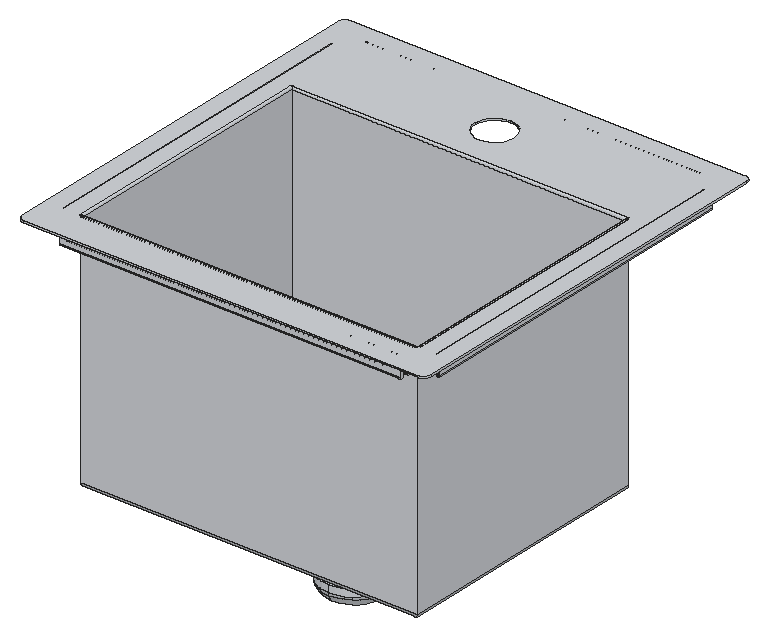
Revit family "Sink-Bar-KOHLER-Vault-K-3840", category Plumbing Fixtures, host Face, Revit 2015 (continued)
Definition of nested family "K-3840"
  Lines and regions (in)
    symbolic lines, detail levels medium+fine
      curve 43: spline (-3.7970905, 3.8477525, 0) -> (-3.8215689, 3.8247313, 0) -> (-3.8430353, 3.7936496, 0) -> (-3.860659, 3.7557099, 0) -> (-3.8737583, 3.7123803, 0) -> (-3.8818262, 3.665337, 0) -> (-3.8845506, 3.6164004, 0) -> (-3.8818262, 3.5674638, 0) -> (-3.8737583, 3.5204206, 0) -> (-3.860659, 3.4770909, 0) -> (-3.8430353, 3.4391513, 0) -> (-3.8215689, 3.4080695, 0) -> (-3.7970905, 3.3850483, 0)
      curve 44: spline (-3.6903224, 3.3850673, 0) -> (-3.6658505, 3.4080926, 0) -> (-3.6443904, 3.4391748, 0) -> (-3.6267721, 3.4771117, 0) -> (-3.6136771, 3.520436, 0) -> (-3.6056119, 3.567472, 0) -> (-3.6028884, 3.6164004, 0) -> (-3.6056119, 3.6653289, 0) -> (-3.6136771, 3.7123648, 0) -> (-3.6267721, 3.7556891, 0) -> (-3.6443904, 3.793626, 0) -> (-3.6658505, 3.8247082, 0) -> (-3.6903224, 3.8477335, 0)
      curve 45: arc (-3.4098625, 3.621817, 0) -> (-3.4894681, 3.4054452, 0) -> (-3.6903224, 3.2922578, 0) r 0.333857
      curve 46: arc (-4.0775765, -3.628183, 0) -> (-3.9979623, -3.4118011, 0) -> (-3.7970905, -3.2986196, 0) r 0.333857
      curve 47: arc (-3.4098625, -3.628183, 0) -> (-3.4894681, -3.8445548, 0) -> (-3.6903224, -3.9577422, 0) r 0.333857
      curve 48: spline (-3.6903224, -3.8649327, 0) -> (-3.6658505, -3.8419074, 0) -> (-3.6443904, -3.8108252, 0) -> (-3.6267721, -3.7728883, 0) -> (-3.6136771, -3.729564, 0) -> (-3.6056119, -3.682528, 0) -> (-3.6028884, -3.6335996, 0) -> (-3.6056119, -3.5846711, 0) -> (-3.6136771, -3.5376352, 0) -> (-3.6267721, -3.4943109, 0) -> (-3.6443904, -3.456374, 0) -> (-3.6658505, -3.4252918, 0) -> (-3.6903224, -3.4022665, 0)
      curve 49: spline (-3.7970905, -3.4022475, 0) -> (-3.8215689, -3.4252687, 0) -> (-3.8430353, -3.4563504, 0) -> (-3.860659, -3.4942901, 0) -> (-3.8737583, -3.5376197, 0) -> (-3.8818262, -3.584663, 0) -> (-3.8845506, -3.6335996, 0) -> (-3.8818262, -3.6825362, 0) -> (-3.8737583, -3.7295794, 0) -> (-3.860659, -3.7729091, 0) -> (-3.8430353, -3.8108487, 0) -> (-3.8215689, -3.8419305, 0) -> (-3.7970905, -3.8649517, 0)
      curve 50: arc (-1.642677, 1.4337935, 0) -> (-1.7031402, 1.3613401, 0) -> (-1.7604129, 1.2863392, 0) r 2.1811357
      curve 51: arc (-1.0576915, 0.5567005, 0) -> (-1.1530567, 0.4613353, 0) -> (-1.2484218, 0.5567005, 0) r 0.0953652
      curve 52: arc (-1.2484218, 0.5567005, 0) -> (-1.1530567, 0.6520657, 0) -> (-1.0576915, 0.5567005, 0) r 0.0953652
      curve 53: arc (-0.9054814, 0.8002876, 0) -> (-1.0008465, 0.7049224, 0) -> (-1.0962117, 0.8002876, 0) r 0.0953652
      curve 54: arc (-1.0962117, 0.8002876, 0) -> (-1.0008465, 0.8956528, 0) -> (-0.9054814, 0.8002876, 0) r 0.0953652
      curve 55: arc (-0.7010338, 1.0047352, 0) -> (-0.796399, 0.90937, 0) -> (-0.8917641, 1.0047352, 0) r 0.0953652
      curve 56: arc (-0.8917641, 1.0047352, 0) -> (-0.796399, 1.1001004, 0) -> (-0.7010338, 1.0047352, 0) r 0.0953652
      curve 57: arc (-0.4612099, 1.1488359, 0) -> (-0.5565751, 1.0534707, 0) -> (-0.6519403, 1.1488359, 0) r 0.0953652
      curve 58: arc (-0.6519403, 1.1488359, 0) -> (-0.5565751, 1.2442011, 0) -> (-0.4612099, 1.1488359, 0) r 0.0953652
      curve 59: arc (-0.1913153, 1.2524387, 0) -> (-0.2866805, 1.1570735, 0) -> (-0.3820457, 1.2524387, 0) r 0.0953652
      curve 60: arc (-0.3820457, 1.2524387, 0) -> (-0.2866805, 1.3478039, 0) -> (-0.1913153, 1.2524387, 0) r 0.0953652
      curve 61: arc (-1.1521397, 0.2824028, 0) -> (-1.2475049, 0.1870376, 0) -> (-1.3428701, 0.2824028, 0) r 0.0953652
      curve 62: arc (-1.3428701, 0.2824028, 0) -> (-1.2475049, 0.377768, 0) -> (-1.1521397, 0.2824028, 0) r 0.0953652
      curve 63: arc (-1.1855473, 0.0017163, 0) -> (-1.2809125, -0.0936489, 0) -> (-1.3762777, 0.0017163, 0) r 0.0953652
      curve 64: arc (-1.3762777, 0.0017163, 0) -> (-1.2809125, 0.0970815, 0) -> (-1.1855473, 0.0017163, 0) r 0.0953652
      curve 65: arc (-1.1521397, -0.2824028, 0) -> (-1.2475049, -0.377768, 0) -> (-1.3428701, -0.2824028, 0) r 0.0953652
      curve 66: arc (-1.3428701, -0.2824028, 0) -> (-1.2475049, -0.1870376, 0) -> (-1.1521397, -0.2824028, 0) r 0.0953652
      curve 67: arc (-1.0576915, -0.5567005, 0) -> (-1.1530567, -0.6520657, 0) -> (-1.2484218, -0.5567005, 0) r 0.0953652
      curve 68: arc (-1.2484218, -0.5567005, 0) -> (-1.1530567, -0.4613353, 0) -> (-1.0576915, -0.5567005, 0) r 0.0953652
      curve 69: arc (-0.9054814, -0.8002876, 0) -> (-1.0008465, -0.8956528, 0) -> (-1.0962117, -0.8002876, 0) r 0.0953652
      curve 70: arc (-1.0962117, -0.8002876, 0) -> (-1.0008465, -0.7049224, 0) -> (-0.9054814, -0.8002876, 0) r 0.0953652
      curve 71: arc (-0.7010338, -1.0047352, 0) -> (-0.796399, -1.1001004, 0) -> (-0.8917641, -1.0047352, 0) r 0.0953652
      curve 72: arc (-0.8917641, -1.0047352, 0) -> (-0.796399, -0.90937, 0) -> (-0.7010338, -1.0047352, 0) r 0.0953652
      curve 73: arc (-0.4612099, -1.1488359, 0) -> (-0.5565751, -1.2442011, 0) -> (-0.6519403, -1.1488359, 0) r 0.0953652
      curve 74: arc (-0.6519403, -1.1488359, 0) -> (-0.5565751, -1.0534707, 0) -> (-0.4612099, -1.1488359, 0) r 0.0953652
      curve 75: arc (-0.1913153, -1.2524387, 0) -> (-0.2866805, -1.3478039, 0) -> (-0.3820457, -1.2524387, 0) r 0.0953652
      curve 76: arc (-0.3820457, -1.2524387, 0) -> (-0.2866805, -1.1570735, 0) -> (-0.1913153, -1.2524387, 0) r 0.0953652
      curve 77: circle (0.0012674, -1.2827033, 0) r 0.0953652 normal (0, 0, 1)
      curve 78: circle (-0.0016673, -0.9532488, 0) r 0.0953652 normal (0, 0, 1)
      curve 79: arc (-0.1988115, -0.9069198, 0) -> (-0.2941767, -1.002285, 0) -> (-0.3895418, -0.9069198, 0) r 0.0953652
      curve 80: arc (-0.3895418, -0.9069198, 0) -> (-0.2941767, -0.8115546, 0) -> (-0.1988115, -0.9069198, 0) r 0.0953652
      curve 81: arc (-0.4619247, -0.772857, 0) -> (-0.5572898, -0.8682221, 0) -> (-0.652655, -0.772857, 0) r 0.0953652
      curve 82: arc (-0.652655, -0.772857, 0) -> (-0.5572898, -0.6774918, 0) -> (-0.4619247, -0.772857, 0) r 0.0953652
      curve 83: arc (-0.6731557, -0.5616259, 0) -> (-0.7685209, -0.6569911, 0) -> (-0.8638861, -0.5616259, 0) r 0.0953652
      curve 84: arc (-0.8638861, -0.5616259, 0) -> (-0.7685209, -0.4662607, 0) -> (-0.6731557, -0.5616259, 0) r 0.0953652
      curve 85: arc (-0.8090854, -0.2948488, 0) -> (-0.9044506, -0.390214, 0) -> (-0.9998158, -0.2948488, 0) r 0.0953652
      curve 86: arc (-0.9998158, -0.2948488, 0) -> (-0.9044506, -0.1994836, 0) -> (-0.8090854, -0.2948488, 0) r 0.0953652
      curve 87: arc (-0.858095, 0.0017163, 0) -> (-0.9534602, -0.0936489, 0) -> (-1.0488254, 0.0017163, 0) r 0.0953652
      curve 88: arc (-1.0488254, 0.0017163, 0) -> (-0.9534602, 0.0970815, 0) -> (-0.858095, 0.0017163, 0) r 0.0953652
      curve 89: arc (-0.8090854, 0.2948488, 0) -> (-0.9044506, 0.1994836, 0) -> (-0.9998158, 0.2948488, 0) r 0.0953652
      curve 90: arc (-0.9998158, 0.2948488, 0) -> (-0.9044506, 0.390214, 0) -> (-0.8090854, 0.2948488, 0) r 0.0953652
      curve 91: arc (-0.6731557, 0.5616259, 0) -> (-0.7685209, 0.4662607, 0) -> (-0.8638861, 0.5616259, 0) r 0.0953652
      curve 92: arc (-0.8638861, 0.5616259, 0) -> (-0.7685209, 0.6569911, 0) -> (-0.6731557, 0.5616259, 0) r 0.0953652
      curve 93: arc (-0.4619247, 0.772857, 0) -> (-0.5572898, 0.6774918, 0) -> (-0.652655, 0.772857, 0) r 0.0953652
      curve 94: arc (-0.652655, 0.772857, 0) -> (-0.5572898, 0.8682221, 0) -> (-0.4619247, 0.772857, 0) r 0.0953652
      curve 95: arc (-0.1988115, 0.9069198, 0) -> (-0.2941767, 0.8115546, 0) -> (-0.3895418, 0.9069198, 0) r 0.0953652
      curve 96: arc (-0.3895418, 0.9069198, 0) -> (-0.2941767, 1.002285, 0) -> (-0.1988115, 0.9069198, 0) r 0.0953652
      curve 97: circle (-0.0016673, 0.9532488, 0) r 0.0953652 normal (0, 0, 1)
      curve 98: circle (0, 0.6235315, 0) r 0.0953652 normal (0, 0, 1)
      curve 99: arc (-0.2158564, 0.5401399, 0) -> (-0.3112216, 0.4447747, 0) -> (-0.4065868, 0.5401399, 0) r 0.0953652
      curve 100: arc (-0.4065868, 0.5401399, 0) -> (-0.3112216, 0.6355051, 0) -> (-0.2158564, 0.5401399, 0) r 0.0953652
      curve 101: arc (-0.4485576, 0.3113449, 0) -> (-0.5439228, 0.2159797, 0) -> (-0.639288, 0.3113449, 0) r 0.0953652
      curve 102: arc (-0.639288, 0.3113449, 0) -> (-0.5439228, 0.4067101, 0) -> (-0.4485576, 0.3113449, 0) r 0.0953652
      curve 103: arc (-0.5307926, 0, 0) -> (-0.6261578, -0.0953652, 0) -> (-0.721523, 0, 0) r 0.0953652
      curve 104: arc (-0.721523, 0, 0) -> (-0.6261578, 0.0953652, 0) -> (-0.5307926, 0, 0) r 0.0953652
      curve 105: arc (-0.4485576, -0.3113449, 0) -> (-0.5439228, -0.4067101, 0) -> (-0.639288, -0.3113449, 0) r 0.0953652
      curve 106: arc (-0.639288, -0.3113449, 0) -> (-0.5439228, -0.2159797, 0) -> (-0.4485576, -0.3113449, 0) r 0.0953652
      curve 107: arc (-0.2158564, -0.5401399, 0) -> (-0.3112216, -0.6355051, 0) -> (-0.4065868, -0.5401399, 0) r 0.0953652
      curve 108: arc (-0.4065868, -0.5401399, 0) -> (-0.3112216, -0.4447747, 0) -> (-0.2158564, -0.5401399, 0) r 0.0953652
      curve 109: circle (0, -0.6235315, 0) r 0.0953652 normal (0, 0, 1)
      curve 110: arc (1.0576915, 0.5567005, 0) -> (1.1530567, 0.4613353, 0) -> (1.2484218, 0.5567005, 0) r 0.0953652
      curve 111: arc (1.2484218, 0.5567005, 0) -> (1.1530567, 0.6520657, 0) -> (1.0576915, 0.5567005, 0) r 0.0953652
      curve 112: arc (0.9054814, 0.8002876, 0) -> (1.0008465, 0.7049224, 0) -> (1.0962117, 0.8002876, 0) r 0.0953652
      curve 113: arc (1.0962117, 0.8002876, 0) -> (1.0008465, 0.8956528, 0) -> (0.9054814, 0.8002876, 0) r 0.0953652
      curve 114: arc (0.7010338, 1.0047352, 0) -> (0.796399, 0.90937, 0) -> (0.8917641, 1.0047352, 0) r 0.0953652
      curve 115: arc (0.8917641, 1.0047352, 0) -> (0.796399, 1.1001004, 0) -> (0.7010338, 1.0047352, 0) r 0.0953652
      curve 116: arc (0.4612099, 1.1488359, 0) -> (0.5565751, 1.0534707, 0) -> (0.6519403, 1.1488359, 0) r 0.0953652
      curve 117: arc (0.6519403, 1.1488359, 0) -> (0.5565751, 1.2442011, 0) -> (0.4612099, 1.1488359, 0) r 0.0953652
      curve 118: arc (0.1913153, 1.2524387, 0) -> (0.2866805, 1.1570735, 0) -> (0.3820457, 1.2524387, 0) r 0.0953652
      curve 119: arc (0.3820457, 1.2524387, 0) -> (0.2866805, 1.3478039, 0) -> (0.1913153, 1.2524387, 0) r 0.0953652
      curve 120: arc (1.1521397, 0.2824028, 0) -> (1.2475049, 0.1870376, 0) -> (1.3428701, 0.2824028, 0) r 0.0953652
      curve 121: arc (1.3428701, 0.2824028, 0) -> (1.2475049, 0.377768, 0) -> (1.1521397, 0.2824028, 0) r 0.0953652
      curve 122: arc (1.1855473, 0.0017163, 0) -> (1.2809125, -0.0936489, 0) -> (1.3762777, 0.0017163, 0) r 0.0953652
      curve 123: arc (1.3762777, 0.0017163, 0) -> (1.2809125, 0.0970815, 0) -> (1.1855473, 0.0017163, 0) r 0.0953652
      curve 124: arc (1.1521397, -0.2824028, 0) -> (1.2475049, -0.377768, 0) -> (1.3428701, -0.2824028, 0) r 0.0953652
      curve 125: arc (1.3428701, -0.2824028, 0) -> (1.2475049, -0.1870376, 0) -> (1.1521397, -0.2824028, 0) r 0.0953652
      curve 126: arc (1.0576915, -0.5567005, 0) -> (1.1530567, -0.6520657, 0) -> (1.2484218, -0.5567005, 0) r 0.0953652
      curve 127: arc (1.2484218, -0.5567005, 0) -> (1.1530567, -0.4613353, 0) -> (1.0576915, -0.5567005, 0) r 0.0953652
      curve 128: arc (0.9054814, -0.8002876, 0) -> (1.0008465, -0.8956528, 0) -> (1.0962117, -0.8002876, 0) r 0.0953652
      curve 129: arc (1.0962117, -0.8002876, 0) -> (1.0008465, -0.7049224, 0) -> (0.9054814, -0.8002876, 0) r 0.0953652
      curve 130: arc (0.7010338, -1.0047352, 0) -> (0.796399, -1.1001004, 0) -> (0.8917641, -1.0047352, 0) r 0.0953652
      curve 131: arc (0.8917641, -1.0047352, 0) -> (0.796399, -0.90937, 0) -> (0.7010338, -1.0047352, 0) r 0.0953652
      curve 132: arc (0.4612099, -1.1488359, 0) -> (0.5565751, -1.2442011, 0) -> (0.6519403, -1.1488359, 0) r 0.0953652
      curve 133: arc (0.6519403, -1.1488359, 0) -> (0.5565751, -1.0534707, 0) -> (0.4612099, -1.1488359, 0) r 0.0953652
      curve 134: arc (0.1913153, -1.2524387, 0) -> (0.2866805, -1.3478039, 0) -> (0.3820457, -1.2524387, 0) r 0.0953652
      curve 135: arc (0.3820457, -1.2524387, 0) -> (0.2866805, -1.1570735, 0) -> (0.1913153, -1.2524387, 0) r 0.0953652
      curve 136: arc (0.1988115, -0.9069198, 0) -> (0.2941767, -1.002285, 0) -> (0.3895418, -0.9069198, 0) r 0.0953652
      curve 137: arc (0.3895418, -0.9069198, 0) -> (0.2941767, -0.8115546, 0) -> (0.1988115, -0.9069198, 0) r 0.0953652
      curve 138: arc (0.4619247, -0.772857, 0) -> (0.5572898, -0.8682221, 0) -> (0.652655, -0.772857, 0) r 0.0953652
      curve 139: arc (0.652655, -0.772857, 0) -> (0.5572898, -0.6774918, 0) -> (0.4619247, -0.772857, 0) r 0.0953652
      curve 140: arc (0.6731557, -0.5616259, 0) -> (0.7685209, -0.6569911, 0) -> (0.8638861, -0.5616259, 0) r 0.0953652
      curve 141: arc (0.8638861, -0.5616259, 0) -> (0.7685209, -0.4662607, 0) -> (0.6731557, -0.5616259, 0) r 0.0953652
      curve 142: arc (0.8090854, -0.2948488, 0) -> (0.9044506, -0.390214, 0) -> (0.9998158, -0.2948488, 0) r 0.0953652
      curve 143: arc (0.9998158, -0.2948488, 0) -> (0.9044506, -0.1994836, 0) -> (0.8090854, -0.2948488, 0) r 0.0953652
      curve 144: arc (0.858095, 0.0017163, 0) -> (0.9534602, -0.0936489, 0) -> (1.0488254, 0.0017163, 0) r 0.0953652
      curve 145: arc (1.0488254, 0.0017163, 0) -> (0.9534602, 0.0970815, 0) -> (0.858095, 0.0017163, 0) r 0.0953652
      curve 146: arc (0.8090854, 0.2948488, 0) -> (0.9044506, 0.1994836, 0) -> (0.9998158, 0.2948488, 0) r 0.0953652
      curve 147: arc (0.9998158, 0.2948488, 0) -> (0.9044506, 0.390214, 0) -> (0.8090854, 0.2948488, 0) r 0.0953652
      curve 148: arc (0.6731557, 0.5616259, 0) -> (0.7685209, 0.4662607, 0) -> (0.8638861, 0.5616259, 0) r 0.0953652
      curve 149: arc (0.8638861, 0.5616259, 0) -> (0.7685209, 0.6569911, 0) -> (0.6731557, 0.5616259, 0) r 0.0953652
      curve 150: arc (0.4619247, 0.772857, 0) -> (0.5572898, 0.6774918, 0) -> (0.652655, 0.772857, 0) r 0.0953652
      curve 151: arc (0.652655, 0.772857, 0) -> (0.5572898, 0.8682221, 0) -> (0.4619247, 0.772857, 0) r 0.0953652
      curve 152: arc (0.1988115, 0.9069198, 0) -> (0.2941767, 0.8115546, 0) -> (0.3895418, 0.9069198, 0) r 0.0953652
      curve 153: arc (0.3895418, 0.9069198, 0) -> (0.2941767, 1.002285, 0) -> (0.1988115, 0.9069198, 0) r 0.0953652
      curve 154: arc (0.2158564, 0.5401399, 0) -> (0.3112216, 0.4447747, 0) -> (0.4065868, 0.5401399, 0) r 0.0953652
      curve 155: arc (0.4065868, 0.5401399, 0) -> (0.3112216, 0.6355051, 0) -> (0.2158564, 0.5401399, 0) r 0.0953652
      curve 156: arc (0.4485576, 0.3113449, 0) -> (0.5439228, 0.2159797, 0) -> (0.639288, 0.3113449, 0) r 0.0953652
      curve 157: arc (0.639288, 0.3113449, 0) -> (0.5439228, 0.4067101, 0) -> (0.4485576, 0.3113449, 0) r 0.0953652
      curve 158: arc (0.5307926, 0, 0) -> (0.6261578, -0.0953652, 0) -> (0.721523, 0, 0) r 0.0953652
      curve 159: arc (0.721523, 0, 0) -> (0.6261578, 0.0953652, 0) -> (0.5307926, 0, 0) r 0.0953652
      curve 160: arc (0.4485576, -0.3113449, 0) -> (0.5439228, -0.4067101, 0) -> (0.639288, -0.3113449, 0) r 0.0953652
      curve 161: arc (0.639288, -0.3113449, 0) -> (0.5439228, -0.2159797, 0) -> (0.4485576, -0.3113449, 0) r 0.0953652
      curve 162: arc (0.2158564, -0.5401399, 0) -> (0.3112216, -0.6355051, 0) -> (0.4065868, -0.5401399, 0) r 0.0953652
      curve 163: arc (0.4065868, -0.5401399, 0) -> (0.3112216, -0.4447747, 0) -> (0.2158564, -0.5401399, 0) r 0.0953652
      curve 164: circle (0.0012674, 1.2827033, 0) r 0.0953652 normal (0, 0, -1)
      curve 165: circle (0, 0, 0) r 0.3095719 normal (0, 0, 1)
      curve 166: circle (0, 0, 0) r 2 normal (0, 0, 1)
      curve 167: arc (-3.6903224, -3.2986238, 0) -> (-3.4894681, -3.4118112, 0) -> (-3.4098625, -3.628183, 0) r 0.333857
      curve 168: arc (-3.7970905, -3.9577464, 0) -> (-3.9979623, -3.8445649, 0) -> (-4.0775765, -3.628183, 0) r 0.333857
      curve 169: line (-3.7970905, -3.8512421, 0) -> (-3.7970905, -4.2781947, 0)
      curve 170: line (-3.6903224, -3.4035669, 0) -> (-3.6903224, 3.4007766, 0)
      curve 171: arc (-3.6903224, -3.8512421, 0) -> (-3.7437064, -3.7978581, 0) -> (-3.7970905, -3.8512421, 0) r 0.053384
      curve 172: arc (-3.7970905, -3.4035669, 0) -> (-3.7437064, -3.456951, 0) -> (-3.6903224, -3.4035669, 0) r 0.053384
      curve 173: arc (-3.7970905, 3.2922536, 0) -> (-3.9979623, 3.4054351, 0) -> (-4.0775765, 3.621817, 0) r 0.333857
      curve 174: line (-3.7970905, 3.4007766, 0) -> (-3.7970905, -3.4035669, 0)
      curve 175: line (-3.6903224, 3.8452031, 0) -> (-3.6903224, 4.2781947, 0)
      curve 176: arc (-3.6903224, 3.9513762, 0) -> (-3.4894681, 3.8381888, 0) -> (-3.4098625, 3.621817, 0) r 0.333857
      curve 177: arc (-3.6903224, 3.4007766, 0) -> (-3.7437064, 3.4541606, 0) -> (-3.7970905, 3.4007766, 0) r 0.053384
      curve 178: arc (-3.7970905, 3.8452031, 0) -> (-3.7437064, 3.7918191, 0) -> (-3.6903224, 3.8452031, 0) r 0.053384
      curve 179: line (-2.859114, 4.2781947, 0) -> (-2.859114, -4.2781947, 0)
      curve 180: line (-2.751682, -4.2781947, 0) -> (-2.751682, 4.2781947, 0)
      curve 181: line (-1.8166824, 4.2781947, 0) -> (-1.8166824, 1.2042169, 0)
      curve 182: line (0.0564886, 4.2781947, 0) -> (0.0564886, 2.1808374, 0)
      curve 183: line (4.6273396, 4.2781947, 0) -> (4.6273396, -4.2781947, 0)
      curve 184: line (4.7338874, -4.2781947, 0) -> (4.7338874, 4.2781947, 0)
      curve 185: line (3.7970905, 4.2781947, 0) -> (3.7970905, 3.8477525, 0)
      curve 186: line (3.6903224, -4.2781947, 0) -> (3.6903224, -3.8274124, 0)
      curve 187: arc (4.0775765, 3.621817, 0) -> (3.9979623, 3.8381989, 0) -> (3.7970905, 3.9513804, 0) r 0.333857
      curve 188: spline (3.7970905, 3.8477525, 0) -> (3.8215689, 3.8247313, 0) -> (3.8430353, 3.7936496, 0) -> (3.860659, 3.7557099, 0) -> (3.8737583, 3.7123803, 0) -> (3.8818262, 3.665337, 0) -> (3.8845506, 3.6164004, 0) -> (3.8818262, 3.5674638, 0) -> (3.8737583, 3.5204206, 0) -> (3.860659, 3.4770909, 0) -> (3.8430353, 3.4391513, 0) -> (3.8215689, 3.4080695, 0) -> (3.7970905, 3.3850483, 0)
      curve 189: spline (3.6903224, 3.3850673, 0) -> (3.6658505, 3.4080926, 0) -> (3.6443904, 3.4391748, 0) -> (3.6267721, 3.4771117, 0) -> (3.6136771, 3.520436, 0) -> (3.6056119, 3.567472, 0) -> (3.6028884, 3.6164004, 0) -> (3.6056119, 3.6653289, 0) -> (3.6136771, 3.7123648, 0) -> (3.6267721, 3.7556891, 0) -> (3.6443904, 3.793626, 0) -> (3.6658505, 3.8247082, 0) -> (3.6903224, 3.8477335, 0)
      curve 190: arc (3.4098625, 3.621817, 0) -> (3.4894681, 3.4054452, 0) -> (3.6903224, 3.2922578, 0) r 0.333857
      curve 191: arc (4.0775765, -3.628183, 0) -> (3.9979623, -3.4118011, 0) -> (3.7970905, -3.2986196, 0) r 0.333857
      curve 192: arc (3.4098625, -3.628183, 0) -> (3.4894681, -3.8445548, 0) -> (3.6903224, -3.9577422, 0) r 0.333857
      curve 193: spline (3.6415199, -3.8056053, 0) -> (3.6285243, -3.777416, 0) -> (3.6179743, -3.7461737, 0) -> (3.6100937, -3.7125414, 0) -> (3.60505, -3.6772333, 0) -> (3.6029501, -3.6409989, 0) -> (3.6038386, -3.6046074, 0) -> (3.6076966, -3.5688314, 0) -> (3.6144424, -3.5344304, 0) -> (3.6239326, -3.5021346, 0) -> (3.6359658, -3.4726298, 0) -> (3.6502865, -3.4465422, 0) -> (3.6665907, -3.4244257, 0)
      curve 194: spline (3.8197453, -3.4231571, 0) -> (3.8363917, -3.4453533, 0) -> (3.8510128, -3.4716635, 0) -> (3.8632891, -3.5015127, 0) -> (3.8729523, -3.5342486, 0) -> (3.8797912, -3.5691556, 0) -> (3.8836564, -3.6054711, 0) -> (3.8844633, -3.6424013, 0) -> (3.8821944, -3.6791391, 0) -> (3.8768992, -3.7148817, 0) -> (3.8686935, -3.748848, 0) -> (3.8577566, -3.7802956, 0) -> (3.8443275, -3.8085372, 0)
      curve 195: arc (3.6903224, -3.2986238, 0) -> (3.4894681, -3.4118112, 0) -> (3.4098625, -3.628183, 0) r 0.333857
      curve 196: arc (3.7970905, -3.9577464, 0) -> (3.9979623, -3.8445649, 0) -> (4.0775765, -3.628183, 0) r 0.333857
      curve 197: line (3.7970905, -3.8274124, 0) -> (3.7970905, -4.2781947, 0)
      curve 198: line (3.6903224, -3.4338348, 0) -> (3.6903224, 3.3850673, 0)
      curve 199: arc (3.6903224, -3.8274124, 0) -> (3.7437064, -3.7740284, 0) -> (3.7970905, -3.8274124, 0) r 0.053384
      curve 200: arc (3.7970905, -3.4338348, 0) -> (3.7437064, -3.4872188, 0) -> (3.6903224, -3.4338348, 0) r 0.053384
      curve 201: arc (3.7970905, 3.2922536, 0) -> (3.9979623, 3.4054351, 0) -> (4.0775765, 3.621817, 0) r 0.333857
      curve 202: line (3.7970905, 3.3850483, 0) -> (3.7970905, -3.4338348, 0)
      curve 203: line (3.6903224, 3.8477335, 0) -> (3.6903224, 4.2781947, 0)
      curve 204: arc (3.6903224, 3.9513762, 0) -> (3.4894681, 3.8381888, 0) -> (3.4098625, 3.621817, 0) r 0.333857
      curve 205: line (2.859114, 4.2781947, 0) -> (2.859114, -4.2781947, 0)
      curve 206: line (2.751682, -4.2781947, 0) -> (2.751682, 4.2781947, 0)
      curve 207: line (1.8166824, 4.2781947, 0) -> (1.8166824, 1.2094575, 0)
      curve 208: line (1.92659, 1.0254351, 0) -> (1.92659, 4.2781947, 0)
      curve 209: line (-1.8166824, -4.2781947, 0) -> (-1.8166824, -1.2046778, 0)
      curve 210: line (0.0564886, -4.2781947, 0) -> (0.0564886, -2.1800385, 0)
      curve 211: line (1.8166824, -4.2781947, 0) -> (1.8166824, -1.2086587, 0)
      curve 212: line (1.92659, -1.0246362, 0) -> (1.92659, -4.2781947, 0)
      curve 213: arc (3.6903224, -3.8783667, 0) -> (3.6640958, -3.8432102, 0) -> (3.6415199, -3.8056053, 0) r 0.4376551
      curve 214: arc (3.8443275, -3.8085372, 0) -> (3.8224508, -3.8437965, 0) -> (3.7970905, -3.8766394, 0) r 0.4061127
      curve 215: arc (3.6665907, -3.4244257, 0) -> (3.6795257, -3.4074231, 0) -> (3.6903224, -3.3889884, 0) r 0.1773443
      curve 216: arc (3.7970905, -3.3897918, 0) -> (3.80738, -3.4071791, 0) -> (3.8197453, -3.4231571, 0) r 0.1626954
      curve 217: arc (3.6903224, 3.3850673, 0) -> (3.743718, 3.4501646, 0) -> (3.7970905, 3.3850483, 0) r 0.0544394
      curve 218: arc (3.6903224, 3.8477335, 0) -> (3.7437159, 3.7943685, 0) -> (3.7970905, 3.8477525, 0) r 0.053384
      curve 219: line (-4.6273396, 3.6079307, 0) -> (-3.7970905, 2.9356082, 0)
      curve 220: line (-3.6903224, 2.8491491, 0) -> (-2.859114, 2.1760498, 0)
      curve 221: line (-2.751682, 2.0890531, 0) -> (-1.92659, 1.4209068, 0)
      curve 222: line (-1.8166824, 1.3319053, 0) -> (-1.7604129, 1.2863392, 0)
      curve 223: line (-3.6903224, 3.0922468, 0) -> (-2.859114, 2.4247781, 0)
      curve 224: line (-2.751682, 2.3318481, 0) -> (-1.92659, 1.6637017, 0)
      curve 225: line (-1.8166824, 1.5747003, 0) -> (-1.642677, 1.4337935, 0)
      curve 226: line (-4.6273396, 3.8444005, 0) -> (-3.7970905, 3.1720781, 0)
      curve 227: line (-5.5548754, 0.0995764, 0) -> (-4.7338874, 0.0995764, 0)
      curve 228: line (-5.5548754, -0.0961664, 0) -> (-4.7338874, -0.0961664, 0)
      curve 229: line (-2.751682, 0.0995764, 0) -> (-2.1775572, 0.0995764, 0)
      curve 230: line (-2.751682, -0.0961664, 0) -> (-2.1776745, -0.0961664, 0)
      curve 231: line (-3.6903224, 0.0995764, 0) -> (-2.859114, 0.0995764, 0)
      curve 232: line (-3.6903224, -0.0961664, 0) -> (-2.859114, -0.0961664, 0)
      curve 233: line (-4.6273396, 0.0995764, 0) -> (-3.7970905, 0.0995764, 0)
      curve 234: line (-4.6273396, -0.0961664, 0) -> (-3.7970905, -0.0961664, 0)
      curve 235: line (-4.6273396, -3.6079307, 0) -> (-3.7970905, -2.9356082, 0)
      curve 236: line (-3.6903224, -2.8491491, 0) -> (-2.859114, -2.1760498, 0)
      curve 237: line (-2.751682, -2.0890531, 0) -> (-1.92659, -1.4209068, 0)
      curve 238: line (-1.8166824, -1.3319053, 0) -> (-1.7577941, -1.2891205, 0)
      curve 239: line (-3.6903224, -3.0922468, 0) -> (-2.859114, -2.4247781, 0)
      curve 240: line (-2.751682, -2.3318481, 0) -> (-1.92659, -1.6637017, 0)
      curve 241: line (-1.8166824, -1.5747003, 0) -> (-1.6422686, -1.4334628, 0)
      curve 242: line (-4.6273396, -3.8444005, 0) -> (-3.7970905, -3.1720781, 0)
      curve 243: line (4.6273396, 3.6079307, 0) -> (3.7970905, 2.9356082, 0)
      curve 244: line (3.6903224, 2.8491491, 0) -> (2.859114, 2.1760498, 0)
      curve 245: line (2.751682, 2.0890531, 0) -> (1.92659, 1.4209068, 0)
      curve 246: line (1.8166824, 1.3319053, 0) -> (1.7620748, 1.287685, 0)
      curve 247: line (3.6903224, 3.0922468, 0) -> (2.859114, 2.4247781, 0)
      curve 248: line (2.751682, 2.3318481, 0) -> (1.92659, 1.6637017, 0)
      curve 249: line (1.8166824, 1.5747003, 0) -> (1.6442269, 1.4350486, 0)
      curve 250: line (4.6273396, 3.8444005, 0) -> (3.7970905, 3.1720781, 0)
      curve 251: line (5.5548754, 0.0995764, 0) -> (4.7338874, 0.0995764, 0)
      curve 252: line (5.5548754, -0.0961664, 0) -> (4.7338874, -0.0961664, 0)
      curve 253: line (2.751682, 0.0995764, 0) -> (2.1802022, 0.0995764, 0)
      curve 254: line (2.751682, -0.0961664, 0) -> (2.1803195, -0.0961664, 0)
      curve 255: line (3.6903224, 0.0995764, 0) -> (2.859114, 0.0995764, 0)
      curve 256: line (3.6903224, -0.0961664, 0) -> (2.859114, -0.0961664, 0)
      curve 257: line (4.6273396, 0.0995764, 0) -> (3.7970905, 0.0995764, 0)
      curve 258: line (4.6273396, -0.0961664, 0) -> (3.7970905, -0.0961664, 0)
      curve 259: line (4.6273396, -3.6079307, 0) -> (3.7970905, -2.9356082, 0)
      curve 260: line (3.6903224, -2.8491491, 0) -> (2.859114, -2.1760498, 0)
      curve 261: line (2.751682, -2.0890531, 0) -> (1.92659, -1.4209068, 0)
      curve 262: line (1.8166824, -1.3319053, 0) -> (1.7617079, -1.2873879, 0)
      curve 263: line (3.6903224, -3.0922468, 0) -> (2.859114, -2.4247781, 0)
      curve 264: line (2.751682, -2.3318481, 0) -> (1.92659, -1.6637017, 0)
      curve 265: line (1.8166824, -1.5747003, 0) -> (1.6438181, -1.4347176, 0)
      curve 266: line (4.6273396, -3.8444005, 0) -> (3.7970905, -3.1720781, 0)
      curve 267: line (5.1613616, -4.2768431, 0) -> (4.7338874, -3.9306812, 0)
      curve 268: line (5.3725276, -4.2062275, 0) -> (4.7338874, -3.6890668, 0)
      curve 269: line (5.3725322, 4.2062312, 0) -> (4.7338874, 3.6890668, 0)
      curve 270: line (5.1613669, 4.2768473, 0) -> (4.7338874, 3.9306812, 0)
      curve 271: line (-5.161247, -4.2767502, 0) -> (-4.7338874, -3.9306812, 0)
      curve 272: line (-5.3720343, -4.205828, 0) -> (-4.7338874, -3.6890668, 0)
      curve 276: line (-0.9911347, -1.9418625, 0) -> (-0.9911347, -4.2781947, 0)
      curve 277: line (-0.8838269, -1.9930557, 0) -> (-0.8838269, -4.2781947, 0)
      curve 278: line (-0.0499288, -2.180134, 0) -> (-0.0499288, -4.2781947, 0)
      curve 279: line (0.8838269, -1.994228, 0) -> (0.8838269, -4.2781947, 0)
      curve 280: line (0.9911347, -1.9432118, 0) -> (0.9911347, -4.2781947, 0)
      curve 281: line (0.9911347, 1.9440107, 0) -> (0.9911347, 4.2781947, 0)
      curve 282: line (0.8838269, 1.9950269, 0) -> (0.8838269, 4.2781947, 0)
      curve 283: line (-0.0499288, 2.1809329, 0) -> (-0.0499288, 4.2781947, 0)
      curve 284: line (-0.8838269, 1.9938546, 0) -> (-0.8838269, 4.2781947, 0)
      curve 285: line (-0.9911347, 1.9426614, 0) -> (-0.9911347, 4.2781947, 0)
      curve 286: line (-5.3725277, 4.2062275, 0) -> (-4.7338874, 3.6890668, 0)
      curve 287: line (-5.1613671, 4.2768475, 0) -> (-4.7338874, 3.9306812, 0)
      curve 288: arc (-1.7604129, 1.2863392, 0) -> (-1.8487931, 1.1555727, 0) -> (-1.9274854, 1.0187573, 0) r 2.1811357
      curve 289: arc (-1.9274854, 1.0187573, 0) -> (-2.1033147, 0.5729857, 0) -> (-2.1775572, 0.0995764, 0) r 2.1811357
      curve 290: line (-1.92659, 1.0203585, 0) -> (-1.92659, 4.2781947, 0)
      curve 291: arc (-2.1775572, 0.0995764, 0) -> (-2.1798128, 0.0017063, 0) -> (-2.1776745, -0.0961664, 0) r 2.1811357
      curve 292: arc (-2.1776745, -0.0961664, 0) -> (-2.0560956, -0.7237437, 0) -> (-1.7577941, -1.2891205, 0) r 2.1811357
      curve 293: line (-1.92659, -1.0176292, 0) -> (-1.92659, -4.2781947, 0)
      curve 294: arc (-1.7577941, -1.2891205, 0) -> (-1.7015614, -1.3625162, 0) -> (-1.6422686, -1.4334628, 0) r 2.1811357
      curve 295: arc (-1.6422686, -1.4334628, 0) -> (-1.3409909, -1.7187712, 0) -> (-0.9911347, -1.9418625, 0) r 2.1811357
      curve 296: arc (-0.9911347, -1.9418625, 0) -> (-0.9378297, -1.9681904, 0) -> (-0.8838269, -1.9930557, 0) r 2.1811357
      curve 297: arc (-0.8838269, -1.9930557, 0) -> (-0.4761303, -2.1278373, 0) -> (-0.0499288, -2.180134, 0) r 2.1811357
      curve 298: arc (-0.0499288, -2.180134, 0) -> (0.0032805, -2.1807354, 0) -> (0.0564886, -2.1800385, 0) r 2.1811357
      curve 299: arc (0.0564886, -2.1800385, 0) -> (0.4792743, -2.1277253, 0) -> (0.8838269, -1.994228, 0) r 2.1811357
      curve 300: arc (0.8838269, -1.994228, 0) -> (0.9378283, -1.9694508, 0) -> (0.9911347, -1.9432118, 0) r 2.1811357
      curve 301: arc (0.9911347, -1.9432118, 0) -> (1.3418085, -1.7201964, 0) -> (1.6438181, -1.4347176, 0) r 2.1811357
      curve 302: arc (1.6438181, -1.4347176, 0) -> (1.7043569, -1.3623282, 0) -> (1.7617079, -1.2873879, 0) r 2.1811357
      curve 303: arc (1.7617079, -1.2873879, 0) -> (1.7896284, -1.2483258, 0) -> (1.8166824, -1.2086587, 0) r 2.1811357
      curve 304: arc (1.8166824, -1.2086587, 0) -> (1.8738981, -1.1179983, 0) -> (1.92659, -1.0246362, 0) r 2.1811357
      curve 305: arc (1.92659, -1.0246362, 0) -> (2.1053094, -0.574572, 0) -> (2.1803195, -0.0961664, 0) r 2.1811357
      curve 306: arc (2.1803195, -0.0961664, 0) -> (2.1824578, 0.0017063, 0) -> (2.1802022, 0.0995764, 0) r 2.1811357
      curve 307: arc (2.1802022, 0.0995764, 0) -> (2.1049645, 0.5766314, 0) -> (1.92659, 1.0254351, 0) r 2.1811357
      curve 308: arc (1.92659, 1.0254351, 0) -> (1.8738981, 1.1187972, 0) -> (1.8166824, 1.2094575, 0) r 2.1811357
      curve 309: arc (1.8166824, 1.2094575, 0) -> (1.7898063, 1.2488699, 0) -> (1.7620748, 1.287685, 0) r 2.1811357
      curve 310: arc (1.7620748, 1.287685, 0) -> (1.7047451, 1.3626418, 0) -> (1.6442269, 1.4350486, 0) r 2.1811357
      curve 311: arc (1.6442269, 1.4350486, 0) -> (1.3420535, 1.7208044, 0) -> (0.9911347, 1.9440107, 0) r 2.1811357
      curve 312: arc (0.9911347, 1.9440107, 0) -> (0.9378283, 1.9702496, 0) -> (0.8838269, 1.9950269, 0) r 2.1811357
      curve 313: arc (0.8838269, 1.9950269, 0) -> (0.4792743, 2.1285242, 0) -> (0.0564886, 2.1808374, 0) r 2.1811357
      curve 314: arc (0.0564886, 2.1808374, 0) -> (0.0032805, 2.1815342, 0) -> (-0.0499288, 2.1809329, 0) r 2.1811357
      curve 315: arc (-0.0499288, 2.1809329, 0) -> (-0.4761303, 2.1286362, 0) -> (-0.8838269, 1.9938546, 0) r 2.1811357
      curve 316: arc (-0.9911347, 1.9426614, 0) -> (-1.3412357, 1.7193789, 0) -> (-1.642677, 1.4337935, 0) r 2.1811357
      curve 317: arc (-0.8838269, 1.9938546, 0) -> (-0.9378297, 1.9689893, 0) -> (-0.9911347, 1.9426614, 0) r 2.1811357
      curve 318: circle (0, 0, 0) r 1.6497869 normal (0, 0, 1)
      curve 319: line (0, 1.0332588, -11.5879198) -> (0, -1.0176338, -11.5879198)
      curve 320: line (0, 1.7355601, -10.617317) -> (0, -1.7199351, -10.617317)
      curve 321: line (0, 1.8023604, -9.3125) -> (0, -1.7868242, -9.3125)
      curve 322: line (0, 1.6486352, -10.7077659) -> (0, -1.6330102, -10.7077659)
      curve 323: line (-1.7204275, 0, -10.5936871) -> (1.7204275, 0, -10.5936871)
      curve 324: line (1.6438223, 0, -10.7089005) -> (-1.6438223, 0, -10.7089005)
      curve 325: line (-1.0262693, 0, -11.592877) -> (1.0262693, 0, -11.592877)
      curve 326: line (-1.7955368, 0, -9.3125) -> (1.7955368, 0, -9.3125)
    symbolic lines, visible <- "_3", detail levels medium+fine
      curve 15: circle (-4, 6.4375, 0) r 0.7189092 normal (0, 0, 1)
      curve 16: circle (4, 6.4375, 0) r 0.7189092 normal (0, 0, -1)
      curve 275: circle (0, 6.4375, 0) r 0.7174201 normal (0, 0, 1)
    symbolic lines, visible <- "_1", detail levels medium+fine
      curve 17: circle (0, 6.4375, 0) r 0.7189092 normal (0, 0, 1)
    symbolic lines, visible <- "_2", detail levels medium+fine
      curve 273: circle (-2, 6.4375, 0) r 0.7189092 normal (0, 0, -1)
      curve 274: circle (2, 6.4375, 0) r 0.7189092 normal (0, 0, 1)
  Dimensions and locks (in)
    plane 6 to plane 7 = 15"
    plane 8 to plane 4 = 15"
    plane 5 to plane 4 = 2 7/16"
    equal spacing: plane 13, plane 3 "Center (Left/Right)", plane 12
    "Faucet Hole Spacing": plane 13 to plane 12
    "Hole alignment": plane 1 "Center (Front/Back)" to plane 14
    "Hole alignment 1": plane 1 "Center (Front/Back)" to plane 15
    level to plane 10 = 9 5/16"  (x3)
    aligned and locked: plane 2 to level
    aligned and locked: plane 12 to Extrusion 28 sketch curve
    aligned and locked: Extrusion 28 sketch curve to plane 13
    aligned and locked: plane 14 to Extrusion 28 sketch curve  (x2)
    aligned and locked: plane 15 to Extrusion 27 sketch curve
  Automatic sketch dimensions
    Sweep 1 sketch curve to plane 11 = 0.07649"
    plane 6 to Sweep 1 sketch curve = 1.26412"
    Sweep 1 sketch curve to plane 7 = 1.26388"
    Sweep 1 sketch curve to plane 8 = 1.24199"
    Sweep 1 sketch curve to Sweep 1 sketch curve = 0"  (x2)
    profile plane to Sweep 1 sketch curve = 4.49"
    profile plane to Sweep 1 sketch curve = 0.17339"
    Sweep 1 sketch curve to Sweep 1 sketch curve = 0.00154"
    Sweep 1 sketch curve to Sweep 1 sketch curve = 0.00131"
    Sweep 1 sketch curve to Sweep 1 sketch curve = 0.05961"
    Sweep 1 sketch curve to Sweep 1 sketch curve = 13/256"  (x2)
    Sweep 1 sketch curve to level = 9.03188"
    Sweep 1 sketch curve to Sweep 1 sketch curve = 0.061"
    Sweep 1 sketch curve to Sweep 1 sketch curve = 0.24504"
    Extrusion 2 sketch curve to plane 1 "Center (Front/Back)" = 0.0004"
    plane 3 "Center (Left/Right)" to Extrusion 2 sketch curve = 0.00132"
    plane 6 to Extrusion 3 sketch curve = 1.32712"
    Extrusion 3 sketch curve to Extrusion 3 sketch curve = 13/256"  (x3)
    Extrusion 3 sketch curve to plane 7 = 1.37766"
    Extrusion 3 sketch curve to plane 8 = 1.30499"
    plane 11 to Extrusion 3 sketch curve = 0.03729"
    Extrusion 3 sketch curve to plane 11 = 0.01349"
    Extrusion 4 sketch curve to plane 6 = 0"
    plane 4 to Extrusion 4 sketch curve = 0"
    plane 8 to Extrusion 4 sketch curve = 0"
    Extrusion 4 sketch curve to plane 7 = 0"
    plane 6 to Extrusion 4 sketch curve = 0.27245"
    plane 6 to Extrusion 4 sketch curve = 35/128"
    plane 6 to Extrusion 4 sketch curve = 1.26412"
    Extrusion 4 sketch curve to plane 11 = 0.07649"
    Extrusion 4 sketch curve to plane 7 = 1.26388"
    Extrusion 4 sketch curve to Extrusion 4 sketch curve = 35/128"
    plane 4 to Extrusion 4 sketch curve = 35/128"
    Extrusion 4 sketch curve to plane 8 = 1.24199"
    plane 11 to Sweep 5 sketch curve = 0.03729"
    plane 6 to Sweep 5 sketch curve = 1.3779"
    Sweep 5 sketch curve to plane 7 = 1.37766"
    Sweep 5 sketch curve to plane 8 = 1.35577"
    Sweep 5 sketch curve to profile plane = 0"
    Sweep 5 sketch curve to level = 0"
    Sweep 5 sketch curve to profile plane = 13/256"
    Sweep 5 sketch curve to Sweep 5 sketch curve = 0.01905"
    Sweep 5 sketch curve to Sweep 5 sketch curve = 0.00117"
    Sweep 5 sketch curve to Sweep 5 sketch curve = 0.04278"
    Sweep 5 sketch curve to Sweep 5 sketch curve = 0.04116"
    Sweep 5 sketch curve to Sweep 5 sketch curve = 0.00161"
    Extrusion 6 sketch curve to plane 8 = 0.42799"
    Extrusion 6 sketch curve to level = 0.23107"  (x2)
    Extrusion 6 sketch curve to Extrusion 6 sketch curve = 0.00835"  (x2)
    Extrusion 6 sketch curve to Extrusion 6 sketch curve = 0.03"  (x2)
    Extrusion 6 sketch curve to level = 0.23962"  (x2)
    Extrusion 6 sketch curve to Extrusion 6 sketch curve = 0.02969"  (x2)
    Extrusion 6 sketch curve to Extrusion 6 sketch curve = 0.02625"  (x2)
    Extrusion 6 sketch curve to Extrusion 6 sketch curve = 0.00084"  (x2)
    Extrusion 6 sketch curve to Extrusion 6 sketch curve = 0.03255"
    Extrusion 6 sketch curve to Extrusion 6 sketch curve = 0.02771"  (x2)
    Extrusion 6 sketch curve to level = 0.07438"  (x2)
    Extrusion 6 sketch curve to Extrusion 6 sketch curve = 0.06055"  (x2)
    Extrusion 6 sketch curve to level = 0.09568"  (x2)
    Extrusion 6 sketch curve to Extrusion 6 sketch curve = 0.02235"  (x2)
    Extrusion 6 sketch curve to Extrusion 6 sketch curve = 0.02328"  (x2)
    Extrusion 6 sketch curve to Extrusion 6 sketch curve = 0.0073"  (x2)
    Extrusion 6 sketch curve to Extrusion 6 sketch curve = 0.12215"  (x2)
    Extrusion 6 sketch curve to Extrusion 6 sketch curve = 0.00808"  (x2)
    Extrusion 6 sketch curve to level = 0.09551"  (x2)
    Extrusion 6 sketch curve to Extrusion 6 sketch curve = 0.02221"  (x2)
    Extrusion 6 sketch curve to Extrusion 6 sketch curve = 0.19751"  (x2)
    Extrusion 6 sketch curve to level = 0.07353"  (x2)
    Extrusion 6 sketch curve to Extrusion 6 sketch curve = 0.02197"  (x2)
    Extrusion 6 sketch curve to Extrusion 6 sketch curve = 0.02322"  (x2)
    Extrusion 6 sketch curve to Extrusion 6 sketch curve = 0.03081"  (x2)
    Extrusion 6 sketch curve to Extrusion 6 sketch curve = 0.0181"  (x2)
    Extrusion 6 sketch curve to Extrusion 6 sketch curve = 0.02584"  (x2)
    Extrusion 6 sketch curve to Extrusion 6 sketch curve = 0.00041"  (x2)
    Extrusion 6 sketch curve to level = 0.23966"  (x2)
    Extrusion 6 sketch curve to Extrusion 6 sketch curve = 0.00802"  (x2)
    Extrusion 6 sketch curve to level = 0.22888"  (x2)
    Extrusion 6 sketch curve to Extrusion 6 sketch curve = 0.02841"  (x2)
    Extrusion 6 sketch curve to level = 0.26229"
    plane 4 to Extrusion 6 sketch curve = 0.89763"
    Extrusion 6 sketch curve to Extrusion 6 sketch curve = 0.16335"  (x2)
    Extrusion 6 sketch curve to Extrusion 6 sketch curve = 0.16331"  (x2)
    Extrusion 6 sketch curve to Extrusion 6 sketch curve = 0.15834"  (x2)
    Extrusion 6 sketch curve to Extrusion 6 sketch curve = 0"  (x2)
    Extrusion 6 sketch curve to Extrusion 6 sketch curve = 0.15869"  (x2)
    Extrusion 6 sketch curve to Extrusion 6 sketch curve = 0.00037"  (x2)
    Extrusion 6 sketch curve to Extrusion 6 sketch curve = 0.01761"  (x2)
    Extrusion 6 sketch curve to Extrusion 6 sketch curve = 0.01263"  (x2)
    plane 6 to Extrusion 7 sketch curve = 0.45063"
    Extrusion 7 sketch curve to level = 0.23107"  (x2)
    Extrusion 7 sketch curve to Extrusion 7 sketch curve = 0.00835"  (x2)
    Extrusion 7 sketch curve to Extrusion 7 sketch curve = 0.03"  (x2)
    Extrusion 7 sketch curve to level = 0.23962"  (x2)
    Extrusion 7 sketch curve to Extrusion 7 sketch curve = 0.02969"  (x2)
    Extrusion 7 sketch curve to Extrusion 7 sketch curve = 0.02625"  (x2)
    Extrusion 7 sketch curve to Extrusion 7 sketch curve = 0.00084"  (x2)
    Extrusion 7 sketch curve to Extrusion 7 sketch curve = 0.03255"
    Extrusion 7 sketch curve to Extrusion 7 sketch curve = 0.02771"  (x2)
    Extrusion 7 sketch curve to level = 0.07438"  (x2)
    Extrusion 7 sketch curve to Extrusion 7 sketch curve = 0.06055"  (x2)
    Extrusion 7 sketch curve to level = 0.09568"  (x2)
    Extrusion 7 sketch curve to Extrusion 7 sketch curve = 0.02235"  (x2)
    Extrusion 7 sketch curve to Extrusion 7 sketch curve = 0.04564"  (x2)
    Extrusion 7 sketch curve to Extrusion 7 sketch curve = 0.0073"  (x2)
    Extrusion 7 sketch curve to Extrusion 7 sketch curve = 0.12215"  (x2)
    Extrusion 7 sketch curve to Extrusion 7 sketch curve = 0.00808"  (x2)
    Extrusion 7 sketch curve to level = 0.09551"  (x2)
    Extrusion 7 sketch curve to Extrusion 7 sketch curve = 0.02221"  (x2)
    Extrusion 7 sketch curve to Extrusion 7 sketch curve = 0.19751"  (x2)
    Extrusion 7 sketch curve to level = 0.07353"  (x2)
    Extrusion 7 sketch curve to Extrusion 7 sketch curve = 0.02197"  (x2)
    Extrusion 7 sketch curve to Extrusion 7 sketch curve = 0.02322"  (x2)
    Extrusion 7 sketch curve to Extrusion 7 sketch curve = 0.03081"  (x2)
    Extrusion 7 sketch curve to Extrusion 7 sketch curve = 0.0181"  (x2)
    Extrusion 7 sketch curve to Extrusion 7 sketch curve = 0.02584"  (x2)
    Extrusion 7 sketch curve to Extrusion 7 sketch curve = 0.00041"  (x2)
    Extrusion 7 sketch curve to level = 0.23966"  (x2)
    Extrusion 7 sketch curve to Extrusion 7 sketch curve = 0.00802"  (x2)
    Extrusion 7 sketch curve to level = 0.22888"  (x2)
    Extrusion 7 sketch curve to Extrusion 7 sketch curve = 0.02841"  (x2)
    Extrusion 7 sketch curve to level = 0.26229"
    Extrusion 7 sketch curve to plane 7 = 0.87504"
    Extrusion 7 sketch curve to Extrusion 7 sketch curve = 0.16335"  (x2)
    Extrusion 7 sketch curve to Extrusion 7 sketch curve = 0.16331"  (x2)
    Extrusion 7 sketch curve to Extrusion 7 sketch curve = 0.15834"  (x2)
    Extrusion 7 sketch curve to Extrusion 7 sketch curve = 0"  (x2)
    Extrusion 7 sketch curve to Extrusion 7 sketch curve = 0.15869"  (x2)
    Extrusion 7 sketch curve to Extrusion 7 sketch curve = 0.00037"  (x2)
    Extrusion 7 sketch curve to Extrusion 7 sketch curve = 0.01761"  (x2)
    Extrusion 7 sketch curve to Extrusion 7 sketch curve = 0.01263"  (x2)
    plane 11 to Sweep 8 sketch curve = 0.95008"
    plane 6 to Sweep 8 sketch curve = 1.74979"
    Sweep 8 sketch curve to Sweep 8 sketch curve = 155/256"  (x2)
    Sweep 8 sketch curve to Sweep 8 sketch curve = 0.6059"
    Sweep 8 sketch curve to plane 7 = 2.35526"  (x2)
    Sweep 8 sketch curve to plane 8 = 2.26214"
    Sweep 8 sketch curve to profile plane = 0.09711"
    Sweep 8 sketch curve to level = 7.96319"
    Sweep 9 sketch curve to plane 3 "Center (Left/Right)" = 0.00006"
    Sweep 9 sketch curve to plane 1 "Center (Front/Back)" = 0.01341"
    Sweep 9 sketch curve to profile plane = 0.13002"
    Sweep 9 sketch curve to level = 7.96509"
    plane 11 to Blend 10 sketch curve = 1.4461"
    Blend 10 sketch curve to plane 3 "Center (Left/Right)" = 3.74372"  (x2)
    Blend 10 sketch curve to Blend 10 sketch curve = 1/4"
    plane 11 to Blend 10 sketch curve = 1.19068"
    Blend 11 sketch curve to plane 8 = 2.2414"
    Blend 11 sketch curve to plane 3 "Center (Left/Right)" = 3.74372"  (x2)
    Blend 11 sketch curve to Blend 11 sketch curve = 1/4"
    Blend 11 sketch curve to plane 8 = 2.49682"
    Blend 12 sketch curve to plane 8 = 2.2414"
    Blend 12 sketch curve to plane 7 = 3.74372"  (x2)
    Blend 12 sketch curve to Blend 12 sketch curve = 1/4"
    Blend 12 sketch curve to plane 8 = 2.49682"
    plane 11 to Blend 13 sketch curve = 1.4461"
    Blend 13 sketch curve to plane 7 = 3.74372"  (x2)
    Blend 13 sketch curve to Blend 13 sketch curve = 1/4"
    plane 11 to Blend 13 sketch curve = 1.19068"
    plane 10 to Sweep 14 sketch curve = 1.04822"
    plane 6 to Sweep 14 sketch curve = 2.86417"
    Sweep 14 sketch curve to Sweep 14 sketch curve = 2.15014"
    Sweep 14 sketch curve to Sweep 14 sketch curve = 1.01285"
    Sweep 14 sketch curve to Sweep 14 sketch curve = 0.46752"
    Sweep 14 sketch curve to Sweep 14 sketch curve = 0.12527"
    Sweep 14 sketch curve to Sweep 14 sketch curve = 0.16042"
    Sweep 14 sketch curve to plane 1 "Center (Front/Back)" = 0"
    profile plane to Sweep 14 sketch curve = 0"
    Sweep 15 sketch curve to plane 10 = 1.04822"
    plane 7 to Sweep 15 sketch curve = 2.86417"
    Sweep 15 sketch curve to Sweep 15 sketch curve = 2.15014"
    Sweep 15 sketch curve to Sweep 15 sketch curve = 1.01285"
    Sweep 15 sketch curve to Sweep 15 sketch curve = 0.46752"
    Sweep 15 sketch curve to Sweep 15 sketch curve = 0.12527"
    Sweep 15 sketch curve to Sweep 15 sketch curve = 0.16042"
    Sweep 15 sketch curve to plane 1 "Center (Front/Back)" = 0"
    Sweep 15 sketch curve to profile plane = 0"
    plane 10 to Sweep 16 sketch curve = 1.04822"
    Sweep 16 sketch curve to Sweep 16 sketch curve = 2.15014"
    plane 10 to Sweep 16 sketch curve = 1.15285"
    Sweep 16 sketch curve to Sweep 16 sketch curve = 1.49635"
    plane 10 to Sweep 16 sketch curve = 1.17888"
    Sweep 16 sketch curve to Sweep 16 sketch curve = 1.24315"
    Sweep 16 sketch curve to profile plane = 0"  (x2)
    plane 10 to Sweep 17 sketch curve = 1.04822"
    Sweep 17 sketch curve to Sweep 17 sketch curve = 2.15014"
    plane 10 to Sweep 17 sketch curve = 1.15285"
    Sweep 17 sketch curve to Sweep 17 sketch curve = 1.49635"
    plane 10 to Sweep 17 sketch curve = 1.17888"
    Sweep 17 sketch curve to Sweep 17 sketch curve = 1.24315"
    Sweep 17 sketch curve to profile plane = 0"  (x2)
    plane 10 to Sweep 18 sketch curve = 1.04822"
    Sweep 18 sketch curve to Sweep 18 sketch curve = 2.15014"
    plane 10 to Sweep 18 sketch curve = 1.15285"
    Sweep 18 sketch curve to Sweep 18 sketch curve = 1.49635"
    plane 10 to Sweep 18 sketch curve = 1.17888"
    Sweep 18 sketch curve to Sweep 18 sketch curve = 1.24315"
    profile plane to Sweep 18 sketch curve = 0"
    Sweep 18 sketch curve to profile plane = 0"
    plane 10 to Sweep 19 sketch curve = 1.04822"
    Sweep 19 sketch curve to Sweep 19 sketch curve = 2.15014"
    plane 10 to Sweep 19 sketch curve = 1.15285"
    Sweep 19 sketch curve to Sweep 19 sketch curve = 1.49635"
    plane 10 to Sweep 19 sketch curve = 1.17888"
    Sweep 19 sketch curve to Sweep 19 sketch curve = 1.24315"
    profile plane to Sweep 19 sketch curve = 0"
    Sweep 19 sketch curve to profile plane = 0"
    plane 10 to Extrusion 20 sketch curve = 1.20182"  (x4)
    plane 6 to Extrusion 20 sketch curve = 2.82203"
    Extrusion 20 sketch curve to Extrusion 20 sketch curve = 1.87246"
    plane 3 "Center (Left/Right)" to Extrusion 20 sketch curve = 2.81069"
    Extrusion 20 sketch curve to Extrusion 20 sketch curve = 1.87326"
    Extrusion 21 sketch curve to plane 3 "Center (Left/Right)" = 1.87051"
    Extrusion 21 sketch curve to Extrusion 21 sketch curve = 0.93314"
    plane 3 "Center (Left/Right)" to Extrusion 21 sketch curve = 0.00291"
    Extrusion 21 sketch curve to Extrusion 21 sketch curve = 0.92771"
    Extrusion 21 sketch curve to Extrusion 21 sketch curve = 0.94218"
    plane 10 to Extrusion 21 sketch curve = 1.20182"
    Extrusion 21 sketch curve to Extrusion 21 sketch curve = 0"  (x4)
    Sweep 22 sketch curve to plane 8 = 2.33465"
    Sweep 22 sketch curve to Sweep 22 sketch curve = 0.30509"
    plane 11 to Sweep 22 sketch curve = 1.32726"
    Sweep 22 sketch curve to Sweep 22 sketch curve = 0.28"
    plane 10 to Sweep 22 sketch curve = 0.67925"  (x2)
    Sweep 22 sketch curve to Sweep 22 sketch curve = 0.52257"
    Sweep 22 sketch curve to Sweep 22 sketch curve = 0"  (x2)
    Sweep 22 sketch curve to Sweep 22 sketch curve = 0.58466"
    plane 11 to Sweep 22 sketch curve = 7/16"
    Sweep 22 sketch curve to profile plane = 0"  (x2)
    Sweep 22 sketch curve to plane 3 "Center (Left/Right)" = 3.74324"
    plane 3 "Center (Left/Right)" to Sweep 22 sketch curve = 3.74324"
    Extrusion 23 sketch curve to plane 1 "Center (Front/Back)" = 0.0004"
    plane 3 "Center (Left/Right)" to Extrusion 23 sketch curve = 0.00132"
    plane 1 "Center (Front/Back)" to Extrusion 26 sketch curve = 0"  (x2)
    Extrusion 26 sketch curve to plane 3 "Center (Left/Right)" = 0"  (x2)
    Extrusion 26 sketch curve to plane 3 "Center (Left/Right)" = 0.00167"  (x2)
    Extrusion 26 sketch curve to plane 3 "Center (Left/Right)" = 0.28668"  (x2)
    Extrusion 26 sketch curve to plane 3 "Center (Left/Right)" = 0.29418"  (x2)
    Extrusion 26 sketch curve to plane 3 "Center (Left/Right)" = 0.31122"  (x2)
    Extrusion 26 sketch curve to Extrusion 26 sketch curve = 0.2327"  (x2)
    Extrusion 26 sketch curve to Extrusion 26 sketch curve = 0.26989"  (x2)
    Extrusion 26 sketch curve to Extrusion 26 sketch curve = 0.26311"  (x2)
    Extrusion 26 sketch curve to Extrusion 26 sketch curve = 0.08223"
    Extrusion 26 sketch curve to Extrusion 26 sketch curve = 0.21123"  (x4)
    Extrusion 26 sketch curve to Extrusion 26 sketch curve = 0.23982"  (x2)
    Extrusion 26 sketch curve to Extrusion 26 sketch curve = 0.13593"  (x2)
    Extrusion 26 sketch curve to plane 1 "Center (Front/Back)" = 0.00172"  (x2)
    Extrusion 26 sketch curve to Extrusion 26 sketch curve = 0.04901"
    Extrusion 26 sketch curve to Extrusion 26 sketch curve = 0.20445"  (x4)
    Extrusion 26 sketch curve to Extrusion 26 sketch curve = 0.15221"  (x2)
    Extrusion 26 sketch curve to Extrusion 26 sketch curve = 0.09445"  (x2)
    Extrusion 26 sketch curve to Extrusion 26 sketch curve = 0.03341"
    plane 3 "Center (Left/Right)" to Extrusion 26 sketch curve = 0.00127"  (x2)
    plane 3 "Center (Left/Right)" to Extrusion 26 sketch curve = 0.28443"  (x2)
    plane 3 "Center (Left/Right)" to Extrusion 26 sketch curve = 0.29402"  (x2)
    plane 3 "Center (Left/Right)" to Extrusion 26 sketch curve = 0.31295"  (x2)
    Extrusion 26 sketch curve to Extrusion 26 sketch curve = 0.22664"  (x2)
    Extrusion 26 sketch curve to Extrusion 26 sketch curve = 0.27174"  (x2)
    Extrusion 26 sketch curve to Extrusion 26 sketch curve = 0.26497"  (x2)
    Extrusion 26 sketch curve to Extrusion 26 sketch curve = 0.0844"
    Extrusion 26 sketch curve to Extrusion 26 sketch curve = 0.21133"  (x2)
    Extrusion 26 sketch curve to Extrusion 26 sketch curve = 0.24229"  (x2)
    Extrusion 26 sketch curve to Extrusion 26 sketch curve = 0.13475"  (x2)
    plane 1 "Center (Front/Back)" to Extrusion 26 sketch curve = 0.00006"  (x2)
    Extrusion 26 sketch curve to Extrusion 26 sketch curve = 0.04642"
    Extrusion 26 sketch curve to Extrusion 26 sketch curve = 0.20449"  (x4)
    Extrusion 26 sketch curve to Extrusion 26 sketch curve = 0.15254"  (x2)
    Extrusion 26 sketch curve to Extrusion 26 sketch curve = 0.09913"  (x2)
    Extrusion 26 sketch curve to Extrusion 26 sketch curve = 0.02477"
    plane 1 "Center (Front/Back)" to Extrusion 26 sketch curve = 0.2824"
    plane 1 "Center (Front/Back)" to Extrusion 26 sketch curve = 0.29134"
    plane 1 "Center (Front/Back)" to Extrusion 26 sketch curve = 0.29485"
    plane 1 "Center (Front/Back)" to Extrusion 26 sketch curve = 0.29525"
    plane 1 "Center (Front/Back)" to Extrusion 26 sketch curve = 0.31134"
    plane 1 "Center (Front/Back)" to Extrusion 26 sketch curve = 0.31481"
    Extrusion 26 sketch curve to Extrusion 26 sketch curve = 0.22879"  (x2)
    Extrusion 26 sketch curve to Extrusion 26 sketch curve = 0.22591"  (x2)
    Extrusion 26 sketch curve to Extrusion 26 sketch curve = 0.26274"  (x2)
    Extrusion 26 sketch curve to Extrusion 26 sketch curve = 0.2743"  (x2)
    Extrusion 26 sketch curve to Extrusion 26 sketch curve = 0.2644"  (x2)
    Extrusion 26 sketch curve to Extrusion 26 sketch curve = 0.26678"  (x2)
    Extrusion 26 sketch curve to Extrusion 26 sketch curve = 0.08339"  (x2)
    Extrusion 26 sketch curve to Extrusion 26 sketch curve = 0.21176"  (x2)
    Extrusion 26 sketch curve to Extrusion 26 sketch curve = 0.24411"  (x2)
    Extrusion 26 sketch curve to Extrusion 26 sketch curve = 0.24359"  (x2)
    Extrusion 26 sketch curve to Extrusion 26 sketch curve = 0.13501"  (x2)
    Extrusion 26 sketch curve to Extrusion 26 sketch curve = 0.13406"  (x2)
    Extrusion 26 sketch curve to Extrusion 26 sketch curve = 0.04633"  (x2)
    Extrusion 26 sketch curve to Extrusion 26 sketch curve = 0.1441"  (x2)
    Extrusion 26 sketch curve to Extrusion 26 sketch curve = 0.1514"  (x2)
    Extrusion 26 sketch curve to Extrusion 26 sketch curve = 0.09386"  (x2)
    Extrusion 26 sketch curve to Extrusion 26 sketch curve = 0.1036"  (x2)
    Extrusion 26 sketch curve to Extrusion 26 sketch curve = 0.03477"  (x2)
    Extrusion 26 sketch curve to plane 1 "Center (Front/Back)" = 0.2824"
    Extrusion 26 sketch curve to plane 1 "Center (Front/Back)" = 0.29134"
    Extrusion 26 sketch curve to plane 1 "Center (Front/Back)" = 0.29485"
    Extrusion 26 sketch curve to plane 1 "Center (Front/Back)" = 0.29525"
    Extrusion 26 sketch curve to plane 1 "Center (Front/Back)" = 0.31134"
    Extrusion 26 sketch curve to plane 1 "Center (Front/Back)" = 0.31481"
    Revolve 25 sketch curve to plane 1 "Center (Front/Back)" = 0.00009"
    Revolve 25 sketch curve to plane 1 "Center (Front/Back)" = 0.14366"
    Revolve 25 sketch curve to Revolve 25 sketch curve = 0.11699"
    plane 10 to Revolve 25 sketch curve = 0.50776"
    Revolve 25 sketch curve to Revolve 25 sketch curve = 1.2543"
    plane 10 to Revolve 25 sketch curve = 0.50292"
    Revolve 25 sketch curve to Revolve 25 sketch curve = 0.09229"
    plane 10 to Revolve 25 sketch curve = 0.24261"
    Revolve 25 sketch curve to Revolve 25 sketch curve = 0.11015"
    Revolve 25 sketch curve to Revolve 25 sketch curve = 0.03174"
    Revolve 25 sketch curve to Revolve 25 sketch curve = 0.03184"
    Revolve 25 sketch curve to Revolve 25 sketch curve = 0.03967"
    Revolve 25 sketch curve to Revolve 25 sketch curve = 0.11668"
    Revolve 25 sketch curve to Revolve 25 sketch curve = 0.01142"
    plane 10 to Revolve 25 sketch curve = 0.16659"
    Revolve 25 sketch curve to Revolve 25 sketch curve = 0.08881"
    Revolve 25 sketch curve to Revolve 25 sketch curve = 0.03688"
    Revolve 25 sketch curve to Revolve 25 sketch curve = 0.03287"
    plane 10 to Revolve 25 sketch curve = 1.13788"
    Revolve 25 sketch curve to Revolve 25 sketch curve = 1/32"
    Revolve 25 sketch curve to Revolve 25 sketch curve = 0.11053"
    Revolve 25 sketch curve to Revolve 25 sketch curve = 0.00697"  (x2)
    Revolve 25 sketch curve to Revolve 25 sketch curve = 0.0728"
    Revolve 25 sketch curve to Revolve 25 sketch curve = 0.12947"
    plane 10 to Revolve 25 sketch curve = 1.16371"
    Revolve 25 sketch curve to Revolve 25 sketch curve = 0.19252"
    Revolve 25 sketch curve to Revolve 25 sketch curve = 0.00511"
    Revolve 25 sketch curve to Revolve 25 sketch curve = 0.00425"
    Revolve 25 sketch curve to Revolve 25 sketch curve = 0.07859"
